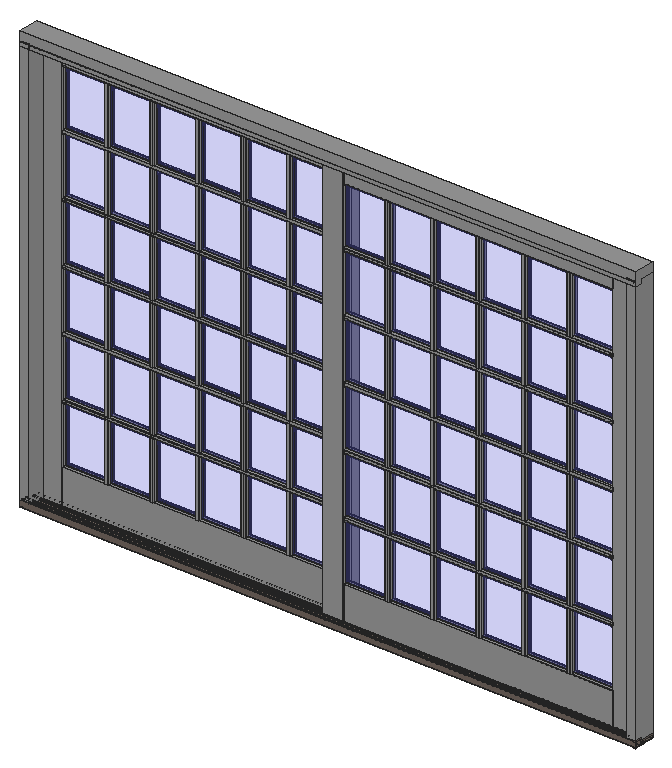
Revit family "VSDA3.0SP LH", category Doors, host Wall, Revit 2015
Parameters (values of type "VSDA3.0SP LH")
  Function = Interior
  Frame Projection Ext. = 25 mm
  Frame Projection Int. = 25 mm
  Frame Width = 75 mm
  Height = 2100 mm
  Wall Closure = By host
  Width = 3030 mm
Reference planes
  plane 1: y = 0
  plane 2 "Center (Left/Right)": x = 0
  plane 3 "Left": x = -1515
  plane 4 "Right": x = 1515
  plane 5: z = 2100
  plane 6 "Exterior": y = 75
  plane 7 "Interior": y = -75
Forms (mm)
  Extrusion 1, solid, material "Aluminium Cill (Bronze)"
    sketch origin (0, 79.18, -119.746) x (0, 1, 0) y (0, 0, -1)
      loop
        arc (-26.68, -120.746) -> (-26.972, -120.039) -> (-27.68, -119.746) r 1
        line (-27.68, -119.746) -> (-130.68, -119.746)
        arc (-130.68, -119.746) -> (-131.387, -120.039) -> (-131.68, -120.746) r 1
        line (-131.68, -120.746) -> (-131.68, -150.746)
        arc (-131.68, -150.746) -> (-131.387, -151.453) -> (-130.68, -151.746) r 1
        line (-130.68, -151.746) -> (-120.912, -151.746)
        arc (-120.912, -151.746) -> (-119.18, -150.746) -> (-117.447, -151.746) r 2
        line (-117.447, -151.746) -> (-112.912, -151.746)
        arc (-112.912, -151.746) -> (-111.18, -150.746) -> (-109.447, -151.746) r 2
        line (-109.447, -151.746) -> (-99.68, -151.746)
        arc (-99.68, -151.746) -> (-98.972, -151.453) -> (-98.68, -150.746) r 1
        line (-98.68, -150.746) -> (-98.68, -149.246)
        arc (-98.68, -149.246) -> (-99.18, -148.746) -> (-99.68, -149.246) r 0.5
        line (-99.68, -149.246) -> (-99.68, -150.246) -> (-100.88, -150.246) -> (-100.88, -142.734) -> (-99.68, -142.734) -> (-99.68, -143.746)
        arc (-99.68, -143.746) -> (-99.18, -144.246) -> (-98.68, -143.746) r 0.5
        line (-98.68, -143.746) -> (-98.68, -138.746) -> (-90.432, -138.746) -> (-82.18, -138.746) -> (-82.18, -135.246)
        arc (-82.18, -135.246) -> (-81.74, -134.185) -> (-80.68, -133.746) r 1.5
        line (-80.68, -133.746) -> (-75.93, -133.746) -> (-75.93, -135.746) -> (-77.363, -135.746)
        arc (-77.363, -135.746) -> (-74.68, -138.746) -> (-71.996, -135.746) r 2.7
        line (-71.996, -135.746) -> (-73.43, -135.746) -> (-73.43, -133.746) -> (-68.68, -133.746)
        arc (-68.68, -133.746) -> (-67.619, -134.185) -> (-67.18, -135.246) r 1.5
        line (-67.18, -135.246) -> (-67.18, -138.746) -> (-60.412, -138.746)
        arc (-60.412, -138.746) -> (-58.68, -137.746) -> (-56.947, -138.746) r 2
        line (-56.947, -138.746) -> (-52.412, -138.746)
        arc (-52.412, -138.746) -> (-50.68, -137.746) -> (-48.947, -138.746) r 2
        line (-48.947, -138.746) -> (-44.412, -138.746)
        arc (-44.412, -138.746) -> (-42.68, -137.746) -> (-40.947, -138.746) r 2
        line (-40.947, -138.746) -> (-29.68, -138.746)
        arc (-29.68, -138.746) -> (-27.558, -137.867) -> (-26.68, -135.746) r 3
        line (-26.68, -135.746) -> (-26.68, -120.746)
      loop
        arc (-29.68, -137.246) -> (-28.619, -136.807) -> (-28.18, -135.746) r 1.5
        line (-28.18, -135.746) -> (-28.18, -121.246) -> (-73.93, -121.246) -> (-73.93, -132.246) -> (-68.68, -132.246)
        arc (-68.68, -132.246) -> (-66.558, -133.125) -> (-65.68, -135.246) r 3
        line (-65.68, -135.246) -> (-65.68, -137.246) -> (-61.129, -137.246)
        arc (-61.129, -137.246) -> (-58.68, -136.246) -> (-56.23, -137.246) r 3.5
        line (-56.23, -137.246) -> (-53.129, -137.246)
        arc (-53.129, -137.246) -> (-50.68, -136.246) -> (-48.23, -137.246) r 3.5
        line (-48.23, -137.246) -> (-45.129, -137.246)
        arc (-45.129, -137.246) -> (-42.68, -136.246) -> (-40.23, -137.246) r 3.5
        line (-40.23, -137.246) -> (-29.68, -137.246)
      loop
        line (-75.43, -132.246) -> (-75.43, -121.246) -> (-98.68, -121.246) -> (-98.68, -137.246) -> (-83.68, -137.246) -> (-83.68, -135.246)
        arc (-83.68, -135.246) -> (-82.801, -133.125) -> (-80.68, -132.246) r 3
        line (-80.68, -132.246) -> (-75.43, -132.246)
      loop
        line (-100.18, -121.246) -> (-130.18, -121.246) -> (-130.18, -150.246) -> (-121.629, -150.246)
        arc (-121.629, -150.246) -> (-119.18, -149.246) -> (-116.73, -150.246) r 3.5
        line (-116.73, -150.246) -> (-113.629, -150.246)
        arc (-113.629, -150.246) -> (-111.18, -149.246) -> (-108.73, -150.246) r 3.5
        line (-108.73, -150.246) -> (-102.38, -150.246) -> (-102.38, -141.246) -> (-100.18, -141.246) -> (-100.18, -121.246)
    from -1515 to 1515
  Extrusion 2, solid, material "Lauan, Meranti"
    sketch origin (0, 0, 0) x (0, 1, 0) y (0, 0, -1)
      loop
        line (52.5, -2100) -> (52.5, -2057) -> (32.5, -2057) -> (32.5, -2055) -> (-20.5, -2055) -> (-20.5, -2041.5) -> (-27.5, -2041.5) -> (-27.5, -2038.5) -> (-20.5, -2038.5) -> (-20.5, -2035) -> (-52.5, -2035) -> (-52.5, -2052) -> (-49.5, -2052) -> (-49.5, -2055) -> (-52.5, -2055) -> (-52.5, -2100) -> (52.5, -2100)
    from -1515 to 1515
  Extrusion 3, solid, material "Lauan, Meranti"
    sketch origin (0, 0, 0) x (-1, 0, 0) y (0, -1, 0)
      loop
        line (-1515, -52.5) -> (-1472, -52.5) -> (-1472, -32.5) -> (-1470, -32.5) -> (-1470, 52.5) -> (-1515, 52.5) -> (-1515, -52.5)
      loop
        line (1515, -52.5) -> (1515, 52.5) -> (1470, 52.5) -> (1470, -32.5) -> (1472, -32.5) -> (1472, -52.5) -> (1515, -52.5)
    from 32 to 2057
  Extrusion 4, solid, material "Lauan, Meranti"
    sketch origin (0, 0, 0) x (-1, 0, 0) y (0, -1, 0)
      loop
        line (-1450, -32.5) -> (-1453.5, -32.5) -> (-1453.5, -39.5) -> (-1456.5, -39.5) -> (-1456.5, -32.5) -> (-1472, -32.5) -> (-1472, -49.5) -> (-1469, -49.5) -> (-1469, -52.5) -> (-1450, -52.5) -> (-1450, -32.5)
    from 2035 to 19
  Extrusion 5, solid, material "Lauan, Meranti"
    sketch origin (0, 0, 0) x (-1, 0, 0) y (0, -1, 0)
      loop
        line (-1515, -52.5) -> (-1472, -52.5) -> (-1472, -32.5) -> (-1470, -32.5) -> (-1470, 19.5) -> (-1515, 19.5) -> (-1515, -52.5)
      loop
        line (1515, -52.5) -> (1515, 19.5) -> (1470, 19.5) -> (1470, -32.5) -> (1472, -32.5) -> (1472, -52.5) -> (1515, -52.5)
    from 19 to 32
  Extrusion 6, solid, material "Lauan, Meranti"
    sketch origin (-280, 0, 0) x (0, 1, 0) y (0, 0, -1)
      loop
        line (52.5, -2054) -> (52.5, -2035) -> (32.5, -2035) -> (32.5, -2038.5) -> (39.5, -2038.5) -> (39.5, -2041.5) -> (32.5, -2041.5) -> (32.5, -2057) -> (49.5, -2057) -> (49.5, -2054) -> (52.5, -2054)
    from -1752 to -332.5
  Extrusion 7, solid, material "Lauan, Meranti"
    sketch origin (0, 148.121, 19) x (-1, 0, 0) y (0, -1, 0)
      loop
        line (-43.5, 163.621) -> (-43.5, 161.621)
        arc (-43.5, 161.621) -> (-48.235, 160.061) -> (-50.5, 155.621) r 6.549
        line (-50.5, 155.621) -> (-52.5, 155.621) -> (-52.5, 153.621) -> (-43.5, 153.621) -> (-43.5, 123.621) -> (52.5, 123.621) -> (52.5, 163.621) -> (-43.5, 163.621)
      loop
        line (43.5, 117.121) -> (-52.5, 117.121) -> (-52.5, 77.121) -> (43.5, 77.121) -> (43.5, 107.121) -> (52.5, 107.121) -> (52.5, 109.121) -> (50.5, 109.121)
        arc (50.5, 109.121) -> (48.235, 113.561) -> (43.5, 115.121) r 6.549
        line (43.5, 115.121) -> (43.5, 117.121)
      loop
        line (-1374, 163.621) -> (-1470, 163.621) -> (-1470, 123.621) -> (-1374, 123.621) -> (-1374, 153.621) -> (-1365, 153.621) -> (-1365, 155.621) -> (-1367, 155.621)
        arc (-1367, 155.621) -> (-1369.265, 160.061) -> (-1374, 161.621) r 6.549
        line (-1374, 161.621) -> (-1374, 163.621)
      loop
        line (1374, 117.121) -> (1374, 115.121)
        arc (1374, 115.121) -> (1369.265, 113.561) -> (1367, 109.121) r 6.549
        line (1367, 109.121) -> (1365, 109.121) -> (1365, 107.121) -> (1374, 107.121) -> (1374, 77.121) -> (1470, 77.121) -> (1470, 117.121) -> (1374, 117.121)
    from 0 to 2036
  Extrusion 8, solid, material "Lauan, Meranti"
    sketch origin (-1625, 46.5, 0) x (0, 1, 0) y (0, 0, -1)
      loop
        line (-15.5, -190) -> (-13.5, -190)
        arc (-13.5, -190) -> (-11.866, -194.67) -> (-7.5, -197) r 6.807
        line (-7.5, -197) -> (-7.5, -199) -> (-5.5, -199) -> (-5.5, -190) -> (24.5, -190) -> (24.5, -19) -> (-15.5, -19) -> (-15.5, -190)
      loop
        arc (-7.5, -1952) -> (-11.866, -1954.33) -> (-13.5, -1959) r 6.807
        line (-13.5, -1959) -> (-15.5, -1959) -> (-15.5, -2055) -> (24.5, -2055) -> (24.5, -1959) -> (-5.5, -1959) -> (-5.5, -1950) -> (-7.5, -1950) -> (-7.5, -1952)
      loop
        line (-15.5, -1675) -> (-13.5, -1675)
        arc (-13.5, -1675) -> (-11.866, -1679.67) -> (-7.5, -1682) r 6.807
        line (-7.5, -1682) -> (-7.5, -1684) -> (-5.5, -1684) -> (-5.5, -1675) -> (24.5, -1675) -> (24.5, -1662) -> (-5.5, -1662) -> (-5.5, -1653) -> (-7.5, -1653) -> (-7.5, -1655)
        arc (-7.5, -1655) -> (-11.866, -1657.33) -> (-13.5, -1662) r 6.807
        line (-13.5, -1662) -> (-15.5, -1662) -> (-15.5, -1675)
      loop
        line (-15.5, -1378) -> (-13.5, -1378)
        arc (-13.5, -1378) -> (-11.866, -1382.67) -> (-7.5, -1385) r 6.807
        line (-7.5, -1385) -> (-7.5, -1387) -> (-5.5, -1387) -> (-5.5, -1378) -> (24.5, -1378) -> (24.5, -1365) -> (-5.5, -1365) -> (-5.5, -1356) -> (-7.5, -1356) -> (-7.5, -1358)
        arc (-7.5, -1358) -> (-11.866, -1360.33) -> (-13.5, -1365) r 6.807
        line (-13.5, -1365) -> (-15.5, -1365) -> (-15.5, -1378)
      loop
        line (-15.5, -1081) -> (-13.5, -1081)
        arc (-13.5, -1081) -> (-11.866, -1085.67) -> (-7.5, -1088) r 6.807
        line (-7.5, -1088) -> (-7.5, -1090) -> (-5.5, -1090) -> (-5.5, -1081) -> (24.5, -1081) -> (24.5, -1068) -> (-5.5, -1068) -> (-5.5, -1059) -> (-7.5, -1059) -> (-7.5, -1061)
        arc (-7.5, -1061) -> (-11.866, -1063.33) -> (-13.5, -1068) r 6.807
        line (-13.5, -1068) -> (-15.5, -1068) -> (-15.5, -1081)
      loop
        line (-15.5, -784) -> (-13.5, -784)
        arc (-13.5, -784) -> (-11.866, -788.67) -> (-7.5, -791) r 6.807
        line (-7.5, -791) -> (-7.5, -793) -> (-5.5, -793) -> (-5.5, -784) -> (24.5, -784) -> (24.5, -771) -> (-5.5, -771) -> (-5.5, -762) -> (-7.5, -762) -> (-7.5, -764)
        arc (-7.5, -764) -> (-11.866, -766.33) -> (-13.5, -771) r 6.807
        line (-13.5, -771) -> (-15.5, -771) -> (-15.5, -784)
      loop
        line (-15.5, -487) -> (-13.5, -487)
        arc (-13.5, -487) -> (-11.866, -491.67) -> (-7.5, -494) r 6.807
        line (-7.5, -494) -> (-7.5, -496) -> (-5.5, -496) -> (-5.5, -487) -> (24.5, -487) -> (24.5, -474) -> (-5.5, -474) -> (-5.5, -465) -> (-7.5, -465) -> (-7.5, -467)
        arc (-7.5, -467) -> (-11.866, -469.33) -> (-13.5, -474) r 6.807
        line (-13.5, -474) -> (-15.5, -474) -> (-15.5, -487)
    from -1581.5 to -251
  Sweep 9, solid, material "Lauan, Meranti"
    path origin (-860.605, -75, -781.763) x (-1, 0, 0) y (0, 0, -1)
      loop
        line (302.475, -2740.763) -> (513.395, -2740.763) -> (513.395, -2456.763) -> (302.475, -2456.763) -> (302.475, -2740.763)
    profile origin (-1268.54, -75, 1959) x (0, 0, -1) y (0, -1, 0)
      loop
        line (9, -124.5) -> (0, -124.5) -> (0, -132.5)
        arc (0, -132.5) -> (4.67, -130.866) -> (7, -126.5) r 6.807
        line (7, -126.5) -> (9, -126.5) -> (9, -124.5)
  Extrusion 10, solid, material "Glass"
    sketch origin (-1133.125, -64.05, -73.649) x (-1, 0, 0) y (0, 0, -1)
      loop
        line (240.875, -2032.649) -> (240.875, -1748.649) -> (29.955, -1748.649) -> (29.955, -2032.649) -> (240.875, -2032.649)
      loop
        line (16.955, -2032.649) -> (16.955, -1748.649) -> (-193.965, -1748.649) -> (-193.965, -2032.649) -> (16.955, -2032.649)
      loop
        line (-206.965, -2032.649) -> (-206.965, -1748.649) -> (-417.885, -1748.649) -> (-417.885, -2032.649) -> (-206.965, -2032.649)
      loop
        line (-430.885, -2032.649) -> (-430.885, -1748.649) -> (-641.805, -1748.649) -> (-641.805, -2032.649) -> (-430.885, -2032.649)
      loop
        line (-654.805, -2032.649) -> (-654.805, -1748.649) -> (-865.725, -1748.649) -> (-865.725, -2032.649) -> (-654.805, -2032.649)
      loop
        line (-878.725, -2032.649) -> (-878.725, -1748.649) -> (-1089.625, -1748.649) -> (-1089.625, -2032.649) -> (-878.725, -2032.649)
      loop
        line (240.875, -1735.649) -> (240.875, -1451.649) -> (29.955, -1451.649) -> (29.955, -1735.649) -> (240.875, -1735.649)
      loop
        line (16.955, -1735.649) -> (16.955, -1451.649) -> (-193.965, -1451.649) -> (-193.965, -1735.649) -> (16.955, -1735.649)
      loop
        line (-206.965, -1735.649) -> (-206.965, -1451.649) -> (-417.885, -1451.649) -> (-417.885, -1735.649) -> (-206.965, -1735.649)
      loop
        line (-430.885, -1735.649) -> (-430.885, -1451.649) -> (-641.805, -1451.649) -> (-641.805, -1735.649) -> (-430.885, -1735.649)
      loop
        line (-654.805, -1735.649) -> (-654.805, -1451.649) -> (-865.725, -1451.649) -> (-865.725, -1735.649) -> (-654.805, -1735.649)
      loop
        line (-878.725, -1735.649) -> (-878.725, -1451.649) -> (-1089.625, -1451.649) -> (-1089.625, -1735.649) -> (-878.725, -1735.649)
      loop
        line (240.875, -1438.649) -> (240.875, -1154.649) -> (29.955, -1154.649) -> (29.955, -1438.649) -> (240.875, -1438.649)
      loop
        line (16.955, -1438.649) -> (16.955, -1154.649) -> (-193.965, -1154.649) -> (-193.965, -1438.649) -> (16.955, -1438.649)
      loop
        line (-206.965, -1438.649) -> (-206.965, -1154.649) -> (-417.885, -1154.649) -> (-417.885, -1438.649) -> (-206.965, -1438.649)
      loop
        line (-430.885, -1438.649) -> (-430.885, -1154.649) -> (-641.805, -1154.649) -> (-641.805, -1438.649) -> (-430.885, -1438.649)
      loop
        line (-654.805, -1438.649) -> (-654.805, -1154.649) -> (-865.725, -1154.649) -> (-865.725, -1438.649) -> (-654.805, -1438.649)
      loop
        line (-878.725, -1438.649) -> (-878.725, -1154.649) -> (-1089.625, -1154.649) -> (-1089.625, -1438.649) -> (-878.725, -1438.649)
      loop
        line (240.875, -1141.649) -> (240.875, -857.649) -> (29.955, -857.649) -> (29.955, -1141.649) -> (240.875, -1141.649)
      loop
        line (16.955, -1141.649) -> (16.955, -857.649) -> (-193.965, -857.649) -> (-193.965, -1141.649) -> (16.955, -1141.649)
      loop
        line (-206.965, -1141.649) -> (-206.965, -857.649) -> (-417.885, -857.649) -> (-417.885, -1141.649) -> (-206.965, -1141.649)
      loop
        line (-430.885, -1141.649) -> (-430.885, -857.649) -> (-641.805, -857.649) -> (-641.805, -1141.649) -> (-430.885, -1141.649)
      loop
        line (-654.805, -1141.649) -> (-654.805, -857.649) -> (-865.725, -857.649) -> (-865.725, -1141.649) -> (-654.805, -1141.649)
      loop
        line (-878.725, -1141.649) -> (-878.725, -857.649) -> (-1089.625, -857.649) -> (-1089.625, -1141.649) -> (-878.725, -1141.649)
      loop
        line (240.875, -844.649) -> (240.875, -560.649) -> (29.955, -560.649) -> (29.955, -844.649) -> (240.875, -844.649)
      loop
        line (16.955, -844.649) -> (16.955, -560.649) -> (-193.965, -560.649) -> (-193.965, -844.649) -> (16.955, -844.649)
      loop
        line (-206.965, -844.649) -> (-206.965, -560.649) -> (-417.885, -560.649) -> (-417.885, -844.649) -> (-206.965, -844.649)
      loop
        line (-430.885, -844.649) -> (-430.885, -560.649) -> (-641.805, -560.649) -> (-641.805, -844.649) -> (-430.885, -844.649)
      loop
        line (-654.805, -844.649) -> (-654.805, -560.649) -> (-865.725, -560.649) -> (-865.725, -844.649) -> (-654.805, -844.649)
      loop
        line (-878.725, -844.649) -> (-878.725, -560.649) -> (-1089.625, -560.649) -> (-1089.625, -844.649) -> (-878.725, -844.649)
      loop
        line (240.875, -547.649) -> (240.875, -263.649) -> (29.955, -263.649) -> (29.955, -547.649) -> (240.875, -547.649)
      loop
        line (16.955, -547.649) -> (16.955, -263.649) -> (-193.965, -263.649) -> (-193.965, -547.649) -> (16.955, -547.649)
      loop
        line (-206.965, -547.649) -> (-206.965, -263.649) -> (-417.885, -263.649) -> (-417.885, -547.649) -> (-206.965, -547.649)
      loop
        line (-430.885, -547.649) -> (-430.885, -263.649) -> (-641.805, -263.649) -> (-641.805, -547.649) -> (-430.885, -547.649)
      loop
        line (-654.805, -547.649) -> (-654.805, -263.649) -> (-865.725, -263.649) -> (-865.725, -547.649) -> (-654.805, -547.649)
      loop
        line (-878.725, -547.649) -> (-878.725, -263.649) -> (-1089.625, -263.649) -> (-1089.625, -547.649) -> (-878.725, -547.649)
    from -112.5 to -106.1
  Extrusion 11, solid, material "Lauan, Meranti"
    sketch origin (-605, 0, 0) x (-1, 0, 0) y (0, -1, 0)
      loop
        line (545.08, -31) -> (545.08, -33)
        arc (545.08, -33) -> (540.41, -34.634) -> (538.08, -39) r 6.807
        line (538.08, -39) -> (536.08, -39) -> (536.08, -41) -> (545.08, -41) -> (545.08, -71) -> (558.08, -71) -> (558.08, -41) -> (567.08, -41) -> (567.08, -39) -> (565.08, -39)
        arc (565.08, -39) -> (562.75, -34.634) -> (558.08, -33) r 6.807
        line (558.08, -33) -> (558.08, -31) -> (545.08, -31)
      loop
        line (321.16, -31) -> (321.16, -33)
        arc (321.16, -33) -> (316.49, -34.634) -> (314.16, -39) r 6.807
        line (314.16, -39) -> (312.16, -39) -> (312.16, -41) -> (321.16, -41) -> (321.16, -71) -> (334.16, -71) -> (334.16, -41) -> (343.16, -41) -> (343.16, -39) -> (341.16, -39)
        arc (341.16, -39) -> (338.83, -34.634) -> (334.16, -33) r 6.807
        line (334.16, -33) -> (334.16, -31) -> (321.16, -31)
      loop
        line (97.24, -31) -> (97.24, -33)
        arc (97.24, -33) -> (92.57, -34.634) -> (90.24, -39) r 6.807
        line (90.24, -39) -> (88.24, -39) -> (88.24, -41) -> (97.24, -41) -> (97.24, -71) -> (110.24, -71) -> (110.24, -41) -> (119.24, -41) -> (119.24, -39) -> (117.24, -39)
        arc (117.24, -39) -> (114.91, -34.634) -> (110.24, -33) r 6.807
        line (110.24, -33) -> (110.24, -31) -> (97.24, -31)
      loop
        line (-126.68, -31) -> (-126.68, -33)
        arc (-126.68, -33) -> (-131.35, -34.634) -> (-133.68, -39) r 6.807
        line (-133.68, -39) -> (-135.68, -39) -> (-135.68, -41) -> (-126.68, -41) -> (-126.68, -71) -> (-113.68, -71) -> (-113.68, -41) -> (-104.68, -41) -> (-104.68, -39) -> (-106.68, -39)
        arc (-106.68, -39) -> (-109.01, -34.634) -> (-113.68, -33) r 6.807
        line (-113.68, -33) -> (-113.68, -31) -> (-126.68, -31)
      loop
        line (-350.6, -31) -> (-350.6, -33)
        arc (-350.6, -33) -> (-355.27, -34.634) -> (-357.6, -39) r 6.807
        line (-357.6, -39) -> (-359.6, -39) -> (-359.6, -41) -> (-350.6, -41) -> (-350.6, -71) -> (-337.6, -71) -> (-337.6, -41) -> (-328.6, -41) -> (-328.6, -39) -> (-330.6, -39)
        arc (-330.6, -39) -> (-332.93, -34.634) -> (-337.6, -33) r 6.807
        line (-337.6, -33) -> (-337.6, -31) -> (-350.6, -31)
    from 1675 to 1959
  Extrusion 12, solid, material "Lauan, Meranti"
    sketch origin (605, 0, 0) x (0, 1, 0) y (0, 0, -1)
      loop
        line (-15.5, -190) -> (-13.5, -190)
        arc (-13.5, -190) -> (-11.866, -194.67) -> (-7.5, -197) r 6.807
        line (-7.5, -197) -> (-7.5, -199) -> (-5.5, -199) -> (-5.5, -190) -> (24.5, -190) -> (24.5, -19) -> (-15.5, -19) -> (-15.5, -190)
      loop
        arc (-7.5, -1952) -> (-11.866, -1954.33) -> (-13.5, -1959) r 6.807
        line (-13.5, -1959) -> (-15.5, -1959) -> (-15.5, -2055) -> (24.5, -2055) -> (24.5, -1959) -> (-5.5, -1959) -> (-5.5, -1950) -> (-7.5, -1950) -> (-7.5, -1952)
      loop
        line (-15.5, -1675) -> (-13.5, -1675)
        arc (-13.5, -1675) -> (-11.866, -1679.67) -> (-7.5, -1682) r 6.807
        line (-7.5, -1682) -> (-7.5, -1684) -> (-5.5, -1684) -> (-5.5, -1675) -> (24.5, -1675) -> (24.5, -1662) -> (-5.5, -1662) -> (-5.5, -1653) -> (-7.5, -1653) -> (-7.5, -1655)
        arc (-7.5, -1655) -> (-11.866, -1657.33) -> (-13.5, -1662) r 6.807
        line (-13.5, -1662) -> (-15.5, -1662) -> (-15.5, -1675)
      loop
        line (-15.5, -1378) -> (-13.5, -1378)
        arc (-13.5, -1378) -> (-11.866, -1382.67) -> (-7.5, -1385) r 6.807
        line (-7.5, -1385) -> (-7.5, -1387) -> (-5.5, -1387) -> (-5.5, -1378) -> (24.5, -1378) -> (24.5, -1365) -> (-5.5, -1365) -> (-5.5, -1356) -> (-7.5, -1356) -> (-7.5, -1358)
        arc (-7.5, -1358) -> (-11.866, -1360.33) -> (-13.5, -1365) r 6.807
        line (-13.5, -1365) -> (-15.5, -1365) -> (-15.5, -1378)
      loop
        line (-15.5, -1081) -> (-13.5, -1081)
        arc (-13.5, -1081) -> (-11.866, -1085.67) -> (-7.5, -1088) r 6.807
        line (-7.5, -1088) -> (-7.5, -1090) -> (-5.5, -1090) -> (-5.5, -1081) -> (24.5, -1081) -> (24.5, -1068) -> (-5.5, -1068) -> (-5.5, -1059) -> (-7.5, -1059) -> (-7.5, -1061)
        arc (-7.5, -1061) -> (-11.866, -1063.33) -> (-13.5, -1068) r 6.807
        line (-13.5, -1068) -> (-15.5, -1068) -> (-15.5, -1081)
      loop
        line (-15.5, -784) -> (-13.5, -784)
        arc (-13.5, -784) -> (-11.866, -788.67) -> (-7.5, -791) r 6.807
        line (-7.5, -791) -> (-7.5, -793) -> (-5.5, -793) -> (-5.5, -784) -> (24.5, -784) -> (24.5, -771) -> (-5.5, -771) -> (-5.5, -762) -> (-7.5, -762) -> (-7.5, -764)
        arc (-7.5, -764) -> (-11.866, -766.33) -> (-13.5, -771) r 6.807
        line (-13.5, -771) -> (-15.5, -771) -> (-15.5, -784)
      loop
        line (-15.5, -487) -> (-13.5, -487)
        arc (-13.5, -487) -> (-11.866, -491.67) -> (-7.5, -494) r 6.807
        line (-7.5, -494) -> (-7.5, -496) -> (-5.5, -496) -> (-5.5, -487) -> (24.5, -487) -> (24.5, -474) -> (-5.5, -474) -> (-5.5, -465) -> (-7.5, -465) -> (-7.5, -467)
        arc (-7.5, -467) -> (-11.866, -469.33) -> (-13.5, -474) r 6.807
        line (-13.5, -474) -> (-15.5, -474) -> (-15.5, -487)
    from -769 to 552.5
  Extrusion 13, solid, material "Glass"
    sketch origin (889.375, -110.55, -73.649) x (-1, 0, 0) y (0, 0, -1)
      loop
        line (-273.705, -2032.649) -> (-273.705, -1748.649) -> (-484.625, -1748.649) -> (-484.625, -2032.649) -> (-273.705, -2032.649)
      loop
        line (-273.705, -1735.649) -> (-273.705, -1451.661) -> (-484.615, -1451.661) -> (-484.615, -1735.649) -> (-273.705, -1735.649)
      loop
        line (-273.705, -1438.649) -> (-273.705, -1154.649) -> (-484.625, -1154.649) -> (-484.625, -1438.649) -> (-273.705, -1438.649)
      loop
        line (-273.705, -1141.649) -> (-273.705, -857.661) -> (-484.615, -857.661) -> (-484.615, -1141.649) -> (-273.705, -1141.649)
      loop
        line (-273.705, -844.649) -> (-273.705, -560.661) -> (-484.615, -560.661) -> (-484.615, -844.649) -> (-273.705, -844.649)
      loop
        line (-273.705, -547.649) -> (-273.705, -263.649) -> (-484.625, -263.649) -> (-484.625, -547.649) -> (-273.705, -547.649)
      loop
        line (-49.785, -2032.649) -> (-49.785, -1748.649) -> (-260.705, -1748.649) -> (-260.705, -2032.649) -> (-49.785, -2032.649)
      loop
        line (-49.785, -1735.649) -> (-49.785, -1451.661) -> (-260.695, -1451.661) -> (-260.695, -1735.649) -> (-49.785, -1735.649)
      loop
        line (-49.785, -1438.649) -> (-49.785, -1154.649) -> (-260.705, -1154.649) -> (-260.705, -1438.649) -> (-49.785, -1438.649)
      loop
        line (-49.785, -1141.649) -> (-49.785, -857.661) -> (-260.695, -857.661) -> (-260.695, -1141.649) -> (-49.785, -1141.649)
      loop
        line (-49.785, -844.649) -> (-49.785, -560.661) -> (-260.695, -560.661) -> (-260.695, -844.649) -> (-49.785, -844.649)
      loop
        line (-49.785, -547.649) -> (-49.785, -263.649) -> (-260.705, -263.649) -> (-260.705, -547.649) -> (-49.785, -547.649)
      loop
        line (174.135, -2032.649) -> (174.135, -1748.649) -> (-36.785, -1748.649) -> (-36.785, -2032.649) -> (174.135, -2032.649)
      loop
        line (174.135, -1735.649) -> (174.135, -1451.661) -> (-36.775, -1451.661) -> (-36.775, -1735.649) -> (174.135, -1735.649)
      loop
        line (174.135, -1438.649) -> (174.135, -1154.649) -> (-36.785, -1154.649) -> (-36.785, -1438.649) -> (174.135, -1438.649)
      loop
        line (174.135, -1141.649) -> (174.135, -857.661) -> (-36.775, -857.661) -> (-36.775, -1141.649) -> (174.135, -1141.649)
      loop
        line (174.135, -844.649) -> (174.135, -560.661) -> (-36.775, -560.661) -> (-36.775, -844.649) -> (174.135, -844.649)
      loop
        line (174.135, -547.649) -> (174.135, -263.649) -> (-36.785, -263.649) -> (-36.785, -547.649) -> (174.135, -547.649)
      loop
        line (398.055, -2032.649) -> (398.055, -1748.649) -> (187.135, -1748.649) -> (187.135, -2032.649) -> (398.055, -2032.649)
      loop
        line (398.055, -1735.649) -> (398.055, -1451.661) -> (187.145, -1451.661) -> (187.145, -1735.649) -> (398.055, -1735.649)
      loop
        line (398.055, -1438.649) -> (398.055, -1154.649) -> (187.135, -1154.649) -> (187.135, -1438.649) -> (398.055, -1438.649)
      loop
        line (398.055, -1141.649) -> (398.055, -857.661) -> (187.145, -857.661) -> (187.145, -1141.649) -> (398.055, -1141.649)
      loop
        line (398.055, -844.649) -> (398.055, -560.661) -> (187.145, -560.661) -> (187.145, -844.649) -> (398.055, -844.649)
      loop
        line (398.055, -547.649) -> (398.055, -263.649) -> (187.135, -263.649) -> (187.135, -547.649) -> (398.055, -547.649)
      loop
        line (621.975, -2032.649) -> (621.975, -1748.649) -> (411.055, -1748.649) -> (411.055, -2032.649) -> (621.975, -2032.649)
      loop
        line (621.975, -1735.649) -> (621.975, -1451.661) -> (411.065, -1451.661) -> (411.065, -1735.649) -> (621.975, -1735.649)
      loop
        line (621.975, -1438.649) -> (621.975, -1154.649) -> (411.055, -1154.649) -> (411.055, -1438.649) -> (621.975, -1438.649)
      loop
        line (621.975, -1141.649) -> (621.975, -857.661) -> (411.065, -857.661) -> (411.065, -1141.649) -> (621.975, -1141.649)
      loop
        line (621.975, -844.649) -> (621.975, -560.661) -> (411.065, -560.661) -> (411.065, -844.649) -> (621.975, -844.649)
      loop
        line (621.975, -547.649) -> (621.975, -263.649) -> (411.055, -263.649) -> (411.055, -547.649) -> (621.975, -547.649)
      loop
        line (845.895, -2032.649) -> (845.895, -1748.649) -> (634.975, -1748.649) -> (634.975, -2032.649) -> (845.895, -2032.649)
      loop
        line (845.895, -1735.649) -> (845.895, -1451.661) -> (634.985, -1451.661) -> (634.985, -1735.649) -> (845.895, -1735.649)
      loop
        line (845.895, -1438.649) -> (845.895, -1154.649) -> (634.975, -1154.649) -> (634.975, -1438.649) -> (845.895, -1438.649)
      loop
        line (845.895, -1141.649) -> (845.895, -857.661) -> (634.985, -857.661) -> (634.985, -1141.649) -> (845.895, -1141.649)
      loop
        line (845.895, -844.649) -> (845.895, -560.661) -> (634.985, -560.661) -> (634.985, -844.649) -> (845.895, -844.649)
      loop
        line (845.895, -547.649) -> (845.895, -263.649) -> (634.975, -263.649) -> (634.975, -547.649) -> (845.895, -547.649)
    from -112.5 to -106.1
  Extrusion 14, solid, material "Lauan, Meranti"
    sketch origin (1417.5, -46.5, 0) x (-1, 0, 0) y (0, -1, 0)
      loop
        line (267.42, -31) -> (254.42, -31) -> (254.42, -33)
        arc (254.42, -33) -> (249.75, -34.634) -> (247.42, -39) r 6.807
        line (247.42, -39) -> (245.42, -39) -> (245.42, -41) -> (254.42, -41) -> (254.42, -71) -> (267.42, -71) -> (267.42, -41) -> (276.42, -41) -> (276.42, -39) -> (274.42, -39)
        arc (274.42, -39) -> (272.09, -34.634) -> (267.42, -33) r 6.807
        line (267.42, -33) -> (267.42, -31)
      loop
        line (491.34, -31) -> (478.34, -31) -> (478.34, -33)
        arc (478.34, -33) -> (473.67, -34.634) -> (471.34, -39) r 6.807
        line (471.34, -39) -> (469.34, -39) -> (469.34, -41) -> (478.34, -41) -> (478.34, -71) -> (491.34, -71) -> (491.34, -41) -> (500.34, -41) -> (500.34, -39) -> (498.34, -39)
        arc (498.34, -39) -> (496.01, -34.634) -> (491.34, -33) r 6.807
        line (491.34, -33) -> (491.34, -31)
      loop
        line (715.26, -31) -> (702.26, -31) -> (702.26, -33)
        arc (702.26, -33) -> (697.59, -34.634) -> (695.26, -39) r 6.807
        line (695.26, -39) -> (693.26, -39) -> (693.26, -41) -> (702.26, -41) -> (702.26, -71) -> (715.26, -71) -> (715.26, -41) -> (724.26, -41) -> (724.26, -39) -> (722.26, -39)
        arc (722.26, -39) -> (719.93, -34.634) -> (715.26, -33) r 6.807
        line (715.26, -33) -> (715.26, -31)
      loop
        line (939.18, -31) -> (926.18, -31) -> (926.18, -33)
        arc (926.18, -33) -> (921.51, -34.634) -> (919.18, -39) r 6.807
        line (919.18, -39) -> (917.18, -39) -> (917.18, -41) -> (926.18, -41) -> (926.18, -71) -> (939.18, -71) -> (939.18, -41) -> (948.18, -41) -> (948.18, -39) -> (946.18, -39)
        arc (946.18, -39) -> (943.85, -34.634) -> (939.18, -33) r 6.807
        line (939.18, -33) -> (939.18, -31)
      loop
        line (1163.1, -31) -> (1150.1, -31) -> (1150.1, -33)
        arc (1150.1, -33) -> (1145.43, -34.634) -> (1143.1, -39) r 6.807
        line (1143.1, -39) -> (1141.1, -39) -> (1141.1, -41) -> (1150.1, -41) -> (1150.1, -71) -> (1163.1, -71) -> (1163.1, -41) -> (1172.1, -41) -> (1172.1, -39) -> (1170.1, -39)
        arc (1170.1, -39) -> (1167.77, -34.634) -> (1163.1, -33) r 6.807
        line (1163.1, -33) -> (1163.1, -31)
    from 1675 to 1959
  Sweep 15, solid, material "Lauan, Meranti"
    path origin (1654.228, -121.5, -781.763) x (-1, 0, 0) y (0, 0, -1)
      loop
        line (280.228, -2740.763) -> (491.148, -2740.763) -> (491.148, -2456.763) -> (280.228, -2456.763) -> (280.228, -2740.763)
    profile origin (1268.54, -121.5, 1959) x (0, 0, -1) y (0, -1, 0)
      loop
        line (9, -124.5) -> (0, -124.5) -> (0, -132.5)
        arc (0, -132.5) -> (4.67, -130.866) -> (7, -126.5) r 6.807
        line (7, -126.5) -> (9, -126.5) -> (9, -124.5)
  Extrusion 16, solid, material "Lauan, Meranti"
    sketch origin (-605, 0, -297) x (-1, 0, 0) y (0, -1, 0)
      loop
        line (545.08, -31) -> (545.08, -33)
        arc (545.08, -33) -> (540.41, -34.634) -> (538.08, -39) r 6.807
        line (538.08, -39) -> (536.08, -39) -> (536.08, -41) -> (545.08, -41) -> (545.08, -71) -> (558.08, -71) -> (558.08, -41) -> (567.08, -41) -> (567.08, -39) -> (565.08, -39)
        arc (565.08, -39) -> (562.75, -34.634) -> (558.08, -33) r 6.807
        line (558.08, -33) -> (558.08, -31) -> (545.08, -31)
      loop
        line (321.16, -31) -> (321.16, -33)
        arc (321.16, -33) -> (316.49, -34.634) -> (314.16, -39) r 6.807
        line (314.16, -39) -> (312.16, -39) -> (312.16, -41) -> (321.16, -41) -> (321.16, -71) -> (334.16, -71) -> (334.16, -41) -> (343.16, -41) -> (343.16, -39) -> (341.16, -39)
        arc (341.16, -39) -> (338.83, -34.634) -> (334.16, -33) r 6.807
        line (334.16, -33) -> (334.16, -31) -> (321.16, -31)
      loop
        line (97.24, -31) -> (97.24, -33)
        arc (97.24, -33) -> (92.57, -34.634) -> (90.24, -39) r 6.807
        line (90.24, -39) -> (88.24, -39) -> (88.24, -41) -> (97.24, -41) -> (97.24, -71) -> (110.24, -71) -> (110.24, -41) -> (119.24, -41) -> (119.24, -39) -> (117.24, -39)
        arc (117.24, -39) -> (114.91, -34.634) -> (110.24, -33) r 6.807
        line (110.24, -33) -> (110.24, -31) -> (97.24, -31)
      loop
        line (-126.68, -31) -> (-126.68, -33)
        arc (-126.68, -33) -> (-131.35, -34.634) -> (-133.68, -39) r 6.807
        line (-133.68, -39) -> (-135.68, -39) -> (-135.68, -41) -> (-126.68, -41) -> (-126.68, -71) -> (-113.68, -71) -> (-113.68, -41) -> (-104.68, -41) -> (-104.68, -39) -> (-106.68, -39)
        arc (-106.68, -39) -> (-109.01, -34.634) -> (-113.68, -33) r 6.807
        line (-113.68, -33) -> (-113.68, -31) -> (-126.68, -31)
      loop
        line (-350.6, -31) -> (-350.6, -33)
        arc (-350.6, -33) -> (-355.27, -34.634) -> (-357.6, -39) r 6.807
        line (-357.6, -39) -> (-359.6, -39) -> (-359.6, -41) -> (-350.6, -41) -> (-350.6, -71) -> (-337.6, -71) -> (-337.6, -41) -> (-328.6, -41) -> (-328.6, -39) -> (-330.6, -39)
        arc (-330.6, -39) -> (-332.93, -34.634) -> (-337.6, -33) r 6.807
        line (-337.6, -33) -> (-337.6, -31) -> (-350.6, -31)
    from 1675 to 1959
  Extrusion 17, solid, material "Lauan, Meranti"
    sketch origin (-605, 0, -594) x (-1, 0, 0) y (0, -1, 0)
      loop
        line (545.08, -31) -> (545.08, -33)
        arc (545.08, -33) -> (540.41, -34.634) -> (538.08, -39) r 6.807
        line (538.08, -39) -> (536.08, -39) -> (536.08, -41) -> (545.08, -41) -> (545.08, -71) -> (558.08, -71) -> (558.08, -41) -> (567.08, -41) -> (567.08, -39) -> (565.08, -39)
        arc (565.08, -39) -> (562.75, -34.634) -> (558.08, -33) r 6.807
        line (558.08, -33) -> (558.08, -31) -> (545.08, -31)
      loop
        line (321.16, -31) -> (321.16, -33)
        arc (321.16, -33) -> (316.49, -34.634) -> (314.16, -39) r 6.807
        line (314.16, -39) -> (312.16, -39) -> (312.16, -41) -> (321.16, -41) -> (321.16, -71) -> (334.16, -71) -> (334.16, -41) -> (343.16, -41) -> (343.16, -39) -> (341.16, -39)
        arc (341.16, -39) -> (338.83, -34.634) -> (334.16, -33) r 6.807
        line (334.16, -33) -> (334.16, -31) -> (321.16, -31)
      loop
        line (97.24, -31) -> (97.24, -33)
        arc (97.24, -33) -> (92.57, -34.634) -> (90.24, -39) r 6.807
        line (90.24, -39) -> (88.24, -39) -> (88.24, -41) -> (97.24, -41) -> (97.24, -71) -> (110.24, -71) -> (110.24, -41) -> (119.24, -41) -> (119.24, -39) -> (117.24, -39)
        arc (117.24, -39) -> (114.91, -34.634) -> (110.24, -33) r 6.807
        line (110.24, -33) -> (110.24, -31) -> (97.24, -31)
      loop
        line (-126.68, -31) -> (-126.68, -33)
        arc (-126.68, -33) -> (-131.35, -34.634) -> (-133.68, -39) r 6.807
        line (-133.68, -39) -> (-135.68, -39) -> (-135.68, -41) -> (-126.68, -41) -> (-126.68, -71) -> (-113.68, -71) -> (-113.68, -41) -> (-104.68, -41) -> (-104.68, -39) -> (-106.68, -39)
        arc (-106.68, -39) -> (-109.01, -34.634) -> (-113.68, -33) r 6.807
        line (-113.68, -33) -> (-113.68, -31) -> (-126.68, -31)
      loop
        line (-350.6, -31) -> (-350.6, -33)
        arc (-350.6, -33) -> (-355.27, -34.634) -> (-357.6, -39) r 6.807
        line (-357.6, -39) -> (-359.6, -39) -> (-359.6, -41) -> (-350.6, -41) -> (-350.6, -71) -> (-337.6, -71) -> (-337.6, -41) -> (-328.6, -41) -> (-328.6, -39) -> (-330.6, -39)
        arc (-330.6, -39) -> (-332.93, -34.634) -> (-337.6, -33) r 6.807
        line (-337.6, -33) -> (-337.6, -31) -> (-350.6, -31)
    from 1675 to 1959
  Extrusion 18, solid, material "Lauan, Meranti"
    sketch origin (-605, 0, -891) x (-1, 0, 0) y (0, -1, 0)
      loop
        line (545.08, -31) -> (545.08, -33)
        arc (545.08, -33) -> (540.41, -34.634) -> (538.08, -39) r 6.807
        line (538.08, -39) -> (536.08, -39) -> (536.08, -41) -> (545.08, -41) -> (545.08, -71) -> (558.08, -71) -> (558.08, -41) -> (567.08, -41) -> (567.08, -39) -> (565.08, -39)
        arc (565.08, -39) -> (562.75, -34.634) -> (558.08, -33) r 6.807
        line (558.08, -33) -> (558.08, -31) -> (545.08, -31)
      loop
        line (321.16, -31) -> (321.16, -33)
        arc (321.16, -33) -> (316.49, -34.634) -> (314.16, -39) r 6.807
        line (314.16, -39) -> (312.16, -39) -> (312.16, -41) -> (321.16, -41) -> (321.16, -71) -> (334.16, -71) -> (334.16, -41) -> (343.16, -41) -> (343.16, -39) -> (341.16, -39)
        arc (341.16, -39) -> (338.83, -34.634) -> (334.16, -33) r 6.807
        line (334.16, -33) -> (334.16, -31) -> (321.16, -31)
      loop
        line (97.24, -31) -> (97.24, -33)
        arc (97.24, -33) -> (92.57, -34.634) -> (90.24, -39) r 6.807
        line (90.24, -39) -> (88.24, -39) -> (88.24, -41) -> (97.24, -41) -> (97.24, -71) -> (110.24, -71) -> (110.24, -41) -> (119.24, -41) -> (119.24, -39) -> (117.24, -39)
        arc (117.24, -39) -> (114.91, -34.634) -> (110.24, -33) r 6.807
        line (110.24, -33) -> (110.24, -31) -> (97.24, -31)
      loop
        line (-126.68, -31) -> (-126.68, -33)
        arc (-126.68, -33) -> (-131.35, -34.634) -> (-133.68, -39) r 6.807
        line (-133.68, -39) -> (-135.68, -39) -> (-135.68, -41) -> (-126.68, -41) -> (-126.68, -71) -> (-113.68, -71) -> (-113.68, -41) -> (-104.68, -41) -> (-104.68, -39) -> (-106.68, -39)
        arc (-106.68, -39) -> (-109.01, -34.634) -> (-113.68, -33) r 6.807
        line (-113.68, -33) -> (-113.68, -31) -> (-126.68, -31)
      loop
        line (-350.6, -31) -> (-350.6, -33)
        arc (-350.6, -33) -> (-355.27, -34.634) -> (-357.6, -39) r 6.807
        line (-357.6, -39) -> (-359.6, -39) -> (-359.6, -41) -> (-350.6, -41) -> (-350.6, -71) -> (-337.6, -71) -> (-337.6, -41) -> (-328.6, -41) -> (-328.6, -39) -> (-330.6, -39)
        arc (-330.6, -39) -> (-332.93, -34.634) -> (-337.6, -33) r 6.807
        line (-337.6, -33) -> (-337.6, -31) -> (-350.6, -31)
    from 1675 to 1959
  Extrusion 19, solid, material "Lauan, Meranti"
    sketch origin (-605, 0, -1188) x (-1, 0, 0) y (0, -1, 0)
      loop
        line (545.08, -31) -> (545.08, -33)
        arc (545.08, -33) -> (540.41, -34.634) -> (538.08, -39) r 6.807
        line (538.08, -39) -> (536.08, -39) -> (536.08, -41) -> (545.08, -41) -> (545.08, -71) -> (558.08, -71) -> (558.08, -41) -> (567.08, -41) -> (567.08, -39) -> (565.08, -39)
        arc (565.08, -39) -> (562.75, -34.634) -> (558.08, -33) r 6.807
        line (558.08, -33) -> (558.08, -31) -> (545.08, -31)
      loop
        line (321.16, -31) -> (321.16, -33)
        arc (321.16, -33) -> (316.49, -34.634) -> (314.16, -39) r 6.807
        line (314.16, -39) -> (312.16, -39) -> (312.16, -41) -> (321.16, -41) -> (321.16, -71) -> (334.16, -71) -> (334.16, -41) -> (343.16, -41) -> (343.16, -39) -> (341.16, -39)
        arc (341.16, -39) -> (338.83, -34.634) -> (334.16, -33) r 6.807
        line (334.16, -33) -> (334.16, -31) -> (321.16, -31)
      loop
        line (97.24, -31) -> (97.24, -33)
        arc (97.24, -33) -> (92.57, -34.634) -> (90.24, -39) r 6.807
        line (90.24, -39) -> (88.24, -39) -> (88.24, -41) -> (97.24, -41) -> (97.24, -71) -> (110.24, -71) -> (110.24, -41) -> (119.24, -41) -> (119.24, -39) -> (117.24, -39)
        arc (117.24, -39) -> (114.91, -34.634) -> (110.24, -33) r 6.807
        line (110.24, -33) -> (110.24, -31) -> (97.24, -31)
      loop
        line (-126.68, -31) -> (-126.68, -33)
        arc (-126.68, -33) -> (-131.35, -34.634) -> (-133.68, -39) r 6.807
        line (-133.68, -39) -> (-135.68, -39) -> (-135.68, -41) -> (-126.68, -41) -> (-126.68, -71) -> (-113.68, -71) -> (-113.68, -41) -> (-104.68, -41) -> (-104.68, -39) -> (-106.68, -39)
        arc (-106.68, -39) -> (-109.01, -34.634) -> (-113.68, -33) r 6.807
        line (-113.68, -33) -> (-113.68, -31) -> (-126.68, -31)
      loop
        line (-350.6, -31) -> (-350.6, -33)
        arc (-350.6, -33) -> (-355.27, -34.634) -> (-357.6, -39) r 6.807
        line (-357.6, -39) -> (-359.6, -39) -> (-359.6, -41) -> (-350.6, -41) -> (-350.6, -71) -> (-337.6, -71) -> (-337.6, -41) -> (-328.6, -41) -> (-328.6, -39) -> (-330.6, -39)
        arc (-330.6, -39) -> (-332.93, -34.634) -> (-337.6, -33) r 6.807
        line (-337.6, -33) -> (-337.6, -31) -> (-350.6, -31)
    from 1675 to 1959
  Extrusion 20, solid, material "Lauan, Meranti"
    sketch origin (-605, 0, -1485) x (-1, 0, 0) y (0, -1, 0)
      loop
        line (545.08, -31) -> (545.08, -33)
        arc (545.08, -33) -> (540.41, -34.634) -> (538.08, -39) r 6.807
        line (538.08, -39) -> (536.08, -39) -> (536.08, -41) -> (545.08, -41) -> (545.08, -71) -> (558.08, -71) -> (558.08, -41) -> (567.08, -41) -> (567.08, -39) -> (565.08, -39)
        arc (565.08, -39) -> (562.75, -34.634) -> (558.08, -33) r 6.807
        line (558.08, -33) -> (558.08, -31) -> (545.08, -31)
      loop
        line (321.16, -31) -> (321.16, -33)
        arc (321.16, -33) -> (316.49, -34.634) -> (314.16, -39) r 6.807
        line (314.16, -39) -> (312.16, -39) -> (312.16, -41) -> (321.16, -41) -> (321.16, -71) -> (334.16, -71) -> (334.16, -41) -> (343.16, -41) -> (343.16, -39) -> (341.16, -39)
        arc (341.16, -39) -> (338.83, -34.634) -> (334.16, -33) r 6.807
        line (334.16, -33) -> (334.16, -31) -> (321.16, -31)
      loop
        line (97.24, -31) -> (97.24, -33)
        arc (97.24, -33) -> (92.57, -34.634) -> (90.24, -39) r 6.807
        line (90.24, -39) -> (88.24, -39) -> (88.24, -41) -> (97.24, -41) -> (97.24, -71) -> (110.24, -71) -> (110.24, -41) -> (119.24, -41) -> (119.24, -39) -> (117.24, -39)
        arc (117.24, -39) -> (114.91, -34.634) -> (110.24, -33) r 6.807
        line (110.24, -33) -> (110.24, -31) -> (97.24, -31)
      loop
        line (-126.68, -31) -> (-126.68, -33)
        arc (-126.68, -33) -> (-131.35, -34.634) -> (-133.68, -39) r 6.807
        line (-133.68, -39) -> (-135.68, -39) -> (-135.68, -41) -> (-126.68, -41) -> (-126.68, -71) -> (-113.68, -71) -> (-113.68, -41) -> (-104.68, -41) -> (-104.68, -39) -> (-106.68, -39)
        arc (-106.68, -39) -> (-109.01, -34.634) -> (-113.68, -33) r 6.807
        line (-113.68, -33) -> (-113.68, -31) -> (-126.68, -31)
      loop
        line (-350.6, -31) -> (-350.6, -33)
        arc (-350.6, -33) -> (-355.27, -34.634) -> (-357.6, -39) r 6.807
        line (-357.6, -39) -> (-359.6, -39) -> (-359.6, -41) -> (-350.6, -41) -> (-350.6, -71) -> (-337.6, -71) -> (-337.6, -41) -> (-328.6, -41) -> (-328.6, -39) -> (-330.6, -39)
        arc (-330.6, -39) -> (-332.93, -34.634) -> (-337.6, -33) r 6.807
        line (-337.6, -33) -> (-337.6, -31) -> (-350.6, -31)
    from 1675 to 1959
  Sweep 21, solid, material "Lauan, Meranti"
    path origin (-636.685, -75, -781.763) x (-1, 0, 0) y (0, 0, -1)
      loop
        line (302.475, -2740.763) -> (513.395, -2740.763) -> (513.395, -2456.763) -> (302.475, -2456.763) -> (302.475, -2740.763)
    profile origin (-1044.62, -75, 1959) x (0, 0, -1) y (0, -1, 0)
      loop
        line (9, -124.5) -> (0, -124.5) -> (0, -132.5)
        arc (0, -132.5) -> (4.67, -130.866) -> (7, -126.5) r 6.807
        line (7, -126.5) -> (9, -126.5) -> (9, -124.5)
  Sweep 22, solid, material "Lauan, Meranti"
    path origin (-412.765, -75, -781.763) x (-1, 0, 0) y (0, 0, -1)
      loop
        line (302.475, -2740.763) -> (513.395, -2740.763) -> (513.395, -2456.763) -> (302.475, -2456.763) -> (302.475, -2740.763)
    profile origin (-820.7, -75, 1959) x (0, 0, -1) y (0, -1, 0)
      loop
        line (9, -124.5) -> (0, -124.5) -> (0, -132.5)
        arc (0, -132.5) -> (4.67, -130.866) -> (7, -126.5) r 6.807
        line (7, -126.5) -> (9, -126.5) -> (9, -124.5)
  Sweep 23, solid, material "Lauan, Meranti"
    path origin (-188.845, -75, -781.763) x (-1, 0, 0) y (0, 0, -1)
      loop
        line (302.475, -2740.763) -> (513.395, -2740.763) -> (513.395, -2456.763) -> (302.475, -2456.763) -> (302.475, -2740.763)
    profile origin (-596.78, -75, 1959) x (0, 0, -1) y (0, -1, 0)
      loop
        line (9, -124.5) -> (0, -124.5) -> (0, -132.5)
        arc (0, -132.5) -> (4.67, -130.866) -> (7, -126.5) r 6.807
        line (7, -126.5) -> (9, -126.5) -> (9, -124.5)
  Sweep 24, solid, material "Lauan, Meranti"
    path origin (35.075, -75, -781.763) x (-1, 0, 0) y (0, 0, -1)
      loop
        line (302.475, -2740.763) -> (513.395, -2740.763) -> (513.395, -2456.763) -> (302.475, -2456.763) -> (302.475, -2740.763)
    profile origin (-372.86, -75, 1959) x (0, 0, -1) y (0, -1, 0)
      loop
        line (9, -124.5) -> (0, -124.5) -> (0, -132.5)
        arc (0, -132.5) -> (4.67, -130.866) -> (7, -126.5) r 6.807
        line (7, -126.5) -> (9, -126.5) -> (9, -124.5)
  Sweep 25, solid, material "Lauan, Meranti"
    path origin (258.995, -75, -781.763) x (-1, 0, 0) y (0, 0, -1)
      loop
        line (302.475, -2740.763) -> (513.395, -2740.763) -> (513.395, -2456.763) -> (302.475, -2456.763) -> (302.475, -2740.763)
    profile origin (-148.94, -75, 1959) x (0, 0, -1) y (0, -1, 0)
      loop
        line (9, -124.5) -> (0, -124.5) -> (0, -132.5)
        arc (0, -132.5) -> (4.67, -130.866) -> (7, -126.5) r 6.807
        line (7, -126.5) -> (9, -126.5) -> (9, -124.5)
  Extrusion 26, solid, material "Lauan, Meranti"
    sketch origin (1417.5, -46.5, -297) x (-1, 0, 0) y (0, -1, 0)
      loop
        line (267.42, -31) -> (254.42, -31) -> (254.42, -33)
        arc (254.42, -33) -> (249.75, -34.634) -> (247.42, -39) r 6.807
        line (247.42, -39) -> (245.42, -39) -> (245.42, -41) -> (254.42, -41) -> (254.42, -71) -> (267.42, -71) -> (267.42, -41) -> (276.42, -41) -> (276.42, -39) -> (274.42, -39)
        arc (274.42, -39) -> (272.09, -34.634) -> (267.42, -33) r 6.807
        line (267.42, -33) -> (267.42, -31)
      loop
        line (491.34, -31) -> (478.34, -31) -> (478.34, -33)
        arc (478.34, -33) -> (473.67, -34.634) -> (471.34, -39) r 6.807
        line (471.34, -39) -> (469.34, -39) -> (469.34, -41) -> (478.34, -41) -> (478.34, -71) -> (491.34, -71) -> (491.34, -41) -> (500.34, -41) -> (500.34, -39) -> (498.34, -39)
        arc (498.34, -39) -> (496.01, -34.634) -> (491.34, -33) r 6.807
        line (491.34, -33) -> (491.34, -31)
      loop
        line (715.26, -31) -> (702.26, -31) -> (702.26, -33)
        arc (702.26, -33) -> (697.59, -34.634) -> (695.26, -39) r 6.807
        line (695.26, -39) -> (693.26, -39) -> (693.26, -41) -> (702.26, -41) -> (702.26, -71) -> (715.26, -71) -> (715.26, -41) -> (724.26, -41) -> (724.26, -39) -> (722.26, -39)
        arc (722.26, -39) -> (719.93, -34.634) -> (715.26, -33) r 6.807
        line (715.26, -33) -> (715.26, -31)
      loop
        line (939.18, -31) -> (926.18, -31) -> (926.18, -33)
        arc (926.18, -33) -> (921.51, -34.634) -> (919.18, -39) r 6.807
        line (919.18, -39) -> (917.18, -39) -> (917.18, -41) -> (926.18, -41) -> (926.18, -71) -> (939.18, -71) -> (939.18, -41) -> (948.18, -41) -> (948.18, -39) -> (946.18, -39)
        arc (946.18, -39) -> (943.85, -34.634) -> (939.18, -33) r 6.807
        line (939.18, -33) -> (939.18, -31)
      loop
        line (1163.1, -31) -> (1150.1, -31) -> (1150.1, -33)
        arc (1150.1, -33) -> (1145.43, -34.634) -> (1143.1, -39) r 6.807
        line (1143.1, -39) -> (1141.1, -39) -> (1141.1, -41) -> (1150.1, -41) -> (1150.1, -71) -> (1163.1, -71) -> (1163.1, -41) -> (1172.1, -41) -> (1172.1, -39) -> (1170.1, -39)
        arc (1170.1, -39) -> (1167.77, -34.634) -> (1163.1, -33) r 6.807
        line (1163.1, -33) -> (1163.1, -31)
    from 1675 to 1959
  Extrusion 27, solid, material "Lauan, Meranti"
    sketch origin (1417.5, -46.5, -594) x (-1, 0, 0) y (0, -1, 0)
      loop
        line (267.42, -31) -> (254.42, -31) -> (254.42, -33)
        arc (254.42, -33) -> (249.75, -34.634) -> (247.42, -39) r 6.807
        line (247.42, -39) -> (245.42, -39) -> (245.42, -41) -> (254.42, -41) -> (254.42, -71) -> (267.42, -71) -> (267.42, -41) -> (276.42, -41) -> (276.42, -39) -> (274.42, -39)
        arc (274.42, -39) -> (272.09, -34.634) -> (267.42, -33) r 6.807
        line (267.42, -33) -> (267.42, -31)
      loop
        line (491.34, -31) -> (478.34, -31) -> (478.34, -33)
        arc (478.34, -33) -> (473.67, -34.634) -> (471.34, -39) r 6.807
        line (471.34, -39) -> (469.34, -39) -> (469.34, -41) -> (478.34, -41) -> (478.34, -71) -> (491.34, -71) -> (491.34, -41) -> (500.34, -41) -> (500.34, -39) -> (498.34, -39)
        arc (498.34, -39) -> (496.01, -34.634) -> (491.34, -33) r 6.807
        line (491.34, -33) -> (491.34, -31)
      loop
        line (715.26, -31) -> (702.26, -31) -> (702.26, -33)
        arc (702.26, -33) -> (697.59, -34.634) -> (695.26, -39) r 6.807
        line (695.26, -39) -> (693.26, -39) -> (693.26, -41) -> (702.26, -41) -> (702.26, -71) -> (715.26, -71) -> (715.26, -41) -> (724.26, -41) -> (724.26, -39) -> (722.26, -39)
        arc (722.26, -39) -> (719.93, -34.634) -> (715.26, -33) r 6.807
        line (715.26, -33) -> (715.26, -31)
      loop
        line (939.18, -31) -> (926.18, -31) -> (926.18, -33)
        arc (926.18, -33) -> (921.51, -34.634) -> (919.18, -39) r 6.807
        line (919.18, -39) -> (917.18, -39) -> (917.18, -41) -> (926.18, -41) -> (926.18, -71) -> (939.18, -71) -> (939.18, -41) -> (948.18, -41) -> (948.18, -39) -> (946.18, -39)
        arc (946.18, -39) -> (943.85, -34.634) -> (939.18, -33) r 6.807
        line (939.18, -33) -> (939.18, -31)
      loop
        line (1163.1, -31) -> (1150.1, -31) -> (1150.1, -33)
        arc (1150.1, -33) -> (1145.43, -34.634) -> (1143.1, -39) r 6.807
        line (1143.1, -39) -> (1141.1, -39) -> (1141.1, -41) -> (1150.1, -41) -> (1150.1, -71) -> (1163.1, -71) -> (1163.1, -41) -> (1172.1, -41) -> (1172.1, -39) -> (1170.1, -39)
        arc (1170.1, -39) -> (1167.77, -34.634) -> (1163.1, -33) r 6.807
        line (1163.1, -33) -> (1163.1, -31)
    from 1675 to 1959
  Extrusion 28, solid, material "Lauan, Meranti"
    sketch origin (1417.5, -46.5, -891) x (-1, 0, 0) y (0, -1, 0)
      loop
        line (267.42, -31) -> (254.42, -31) -> (254.42, -33)
        arc (254.42, -33) -> (249.75, -34.634) -> (247.42, -39) r 6.807
        line (247.42, -39) -> (245.42, -39) -> (245.42, -41) -> (254.42, -41) -> (254.42, -71) -> (267.42, -71) -> (267.42, -41) -> (276.42, -41) -> (276.42, -39) -> (274.42, -39)
        arc (274.42, -39) -> (272.09, -34.634) -> (267.42, -33) r 6.807
        line (267.42, -33) -> (267.42, -31)
      loop
        line (491.34, -31) -> (478.34, -31) -> (478.34, -33)
        arc (478.34, -33) -> (473.67, -34.634) -> (471.34, -39) r 6.807
        line (471.34, -39) -> (469.34, -39) -> (469.34, -41) -> (478.34, -41) -> (478.34, -71) -> (491.34, -71) -> (491.34, -41) -> (500.34, -41) -> (500.34, -39) -> (498.34, -39)
        arc (498.34, -39) -> (496.01, -34.634) -> (491.34, -33) r 6.807
        line (491.34, -33) -> (491.34, -31)
      loop
        line (715.26, -31) -> (702.26, -31) -> (702.26, -33)
        arc (702.26, -33) -> (697.59, -34.634) -> (695.26, -39) r 6.807
        line (695.26, -39) -> (693.26, -39) -> (693.26, -41) -> (702.26, -41) -> (702.26, -71) -> (715.26, -71) -> (715.26, -41) -> (724.26, -41) -> (724.26, -39) -> (722.26, -39)
        arc (722.26, -39) -> (719.93, -34.634) -> (715.26, -33) r 6.807
        line (715.26, -33) -> (715.26, -31)
      loop
        line (939.18, -31) -> (926.18, -31) -> (926.18, -33)
        arc (926.18, -33) -> (921.51, -34.634) -> (919.18, -39) r 6.807
        line (919.18, -39) -> (917.18, -39) -> (917.18, -41) -> (926.18, -41) -> (926.18, -71) -> (939.18, -71) -> (939.18, -41) -> (948.18, -41) -> (948.18, -39) -> (946.18, -39)
        arc (946.18, -39) -> (943.85, -34.634) -> (939.18, -33) r 6.807
        line (939.18, -33) -> (939.18, -31)
      loop
        line (1163.1, -31) -> (1150.1, -31) -> (1150.1, -33)
        arc (1150.1, -33) -> (1145.43, -34.634) -> (1143.1, -39) r 6.807
        line (1143.1, -39) -> (1141.1, -39) -> (1141.1, -41) -> (1150.1, -41) -> (1150.1, -71) -> (1163.1, -71) -> (1163.1, -41) -> (1172.1, -41) -> (1172.1, -39) -> (1170.1, -39)
        arc (1170.1, -39) -> (1167.77, -34.634) -> (1163.1, -33) r 6.807
        line (1163.1, -33) -> (1163.1, -31)
    from 1675 to 1959
  Extrusion 29, solid, material "Lauan, Meranti"
    sketch origin (1417.5, -46.5, -1188) x (-1, 0, 0) y (0, -1, 0)
      loop
        line (267.42, -31) -> (254.42, -31) -> (254.42, -33)
        arc (254.42, -33) -> (249.75, -34.634) -> (247.42, -39) r 6.807
        line (247.42, -39) -> (245.42, -39) -> (245.42, -41) -> (254.42, -41) -> (254.42, -71) -> (267.42, -71) -> (267.42, -41) -> (276.42, -41) -> (276.42, -39) -> (274.42, -39)
        arc (274.42, -39) -> (272.09, -34.634) -> (267.42, -33) r 6.807
        line (267.42, -33) -> (267.42, -31)
      loop
        line (491.34, -31) -> (478.34, -31) -> (478.34, -33)
        arc (478.34, -33) -> (473.67, -34.634) -> (471.34, -39) r 6.807
        line (471.34, -39) -> (469.34, -39) -> (469.34, -41) -> (478.34, -41) -> (478.34, -71) -> (491.34, -71) -> (491.34, -41) -> (500.34, -41) -> (500.34, -39) -> (498.34, -39)
        arc (498.34, -39) -> (496.01, -34.634) -> (491.34, -33) r 6.807
        line (491.34, -33) -> (491.34, -31)
      loop
        line (715.26, -31) -> (702.26, -31) -> (702.26, -33)
        arc (702.26, -33) -> (697.59, -34.634) -> (695.26, -39) r 6.807
        line (695.26, -39) -> (693.26, -39) -> (693.26, -41) -> (702.26, -41) -> (702.26, -71) -> (715.26, -71) -> (715.26, -41) -> (724.26, -41) -> (724.26, -39) -> (722.26, -39)
        arc (722.26, -39) -> (719.93, -34.634) -> (715.26, -33) r 6.807
        line (715.26, -33) -> (715.26, -31)
      loop
        line (939.18, -31) -> (926.18, -31) -> (926.18, -33)
        arc (926.18, -33) -> (921.51, -34.634) -> (919.18, -39) r 6.807
        line (919.18, -39) -> (917.18, -39) -> (917.18, -41) -> (926.18, -41) -> (926.18, -71) -> (939.18, -71) -> (939.18, -41) -> (948.18, -41) -> (948.18, -39) -> (946.18, -39)
        arc (946.18, -39) -> (943.85, -34.634) -> (939.18, -33) r 6.807
        line (939.18, -33) -> (939.18, -31)
      loop
        line (1163.1, -31) -> (1150.1, -31) -> (1150.1, -33)
        arc (1150.1, -33) -> (1145.43, -34.634) -> (1143.1, -39) r 6.807
        line (1143.1, -39) -> (1141.1, -39) -> (1141.1, -41) -> (1150.1, -41) -> (1150.1, -71) -> (1163.1, -71) -> (1163.1, -41) -> (1172.1, -41) -> (1172.1, -39) -> (1170.1, -39)
        arc (1170.1, -39) -> (1167.77, -34.634) -> (1163.1, -33) r 6.807
        line (1163.1, -33) -> (1163.1, -31)
    from 1675 to 1959
  Extrusion 30, solid, material "Lauan, Meranti"
    sketch origin (1417.5, -46.5, -1485) x (-1, 0, 0) y (0, -1, 0)
      loop
        line (267.42, -31) -> (254.42, -31) -> (254.42, -33)
        arc (254.42, -33) -> (249.75, -34.634) -> (247.42, -39) r 6.807
        line (247.42, -39) -> (245.42, -39) -> (245.42, -41) -> (254.42, -41) -> (254.42, -71) -> (267.42, -71) -> (267.42, -41) -> (276.42, -41) -> (276.42, -39) -> (274.42, -39)
        arc (274.42, -39) -> (272.09, -34.634) -> (267.42, -33) r 6.807
        line (267.42, -33) -> (267.42, -31)
      loop
        line (491.34, -31) -> (478.34, -31) -> (478.34, -33)
        arc (478.34, -33) -> (473.67, -34.634) -> (471.34, -39) r 6.807
        line (471.34, -39) -> (469.34, -39) -> (469.34, -41) -> (478.34, -41) -> (478.34, -71) -> (491.34, -71) -> (491.34, -41) -> (500.34, -41) -> (500.34, -39) -> (498.34, -39)
        arc (498.34, -39) -> (496.01, -34.634) -> (491.34, -33) r 6.807
        line (491.34, -33) -> (491.34, -31)
      loop
        line (715.26, -31) -> (702.26, -31) -> (702.26, -33)
        arc (702.26, -33) -> (697.59, -34.634) -> (695.26, -39) r 6.807
        line (695.26, -39) -> (693.26, -39) -> (693.26, -41) -> (702.26, -41) -> (702.26, -71) -> (715.26, -71) -> (715.26, -41) -> (724.26, -41) -> (724.26, -39) -> (722.26, -39)
        arc (722.26, -39) -> (719.93, -34.634) -> (715.26, -33) r 6.807
        line (715.26, -33) -> (715.26, -31)
      loop
        line (939.18, -31) -> (926.18, -31) -> (926.18, -33)
        arc (926.18, -33) -> (921.51, -34.634) -> (919.18, -39) r 6.807
        line (919.18, -39) -> (917.18, -39) -> (917.18, -41) -> (926.18, -41) -> (926.18, -71) -> (939.18, -71) -> (939.18, -41) -> (948.18, -41) -> (948.18, -39) -> (946.18, -39)
        arc (946.18, -39) -> (943.85, -34.634) -> (939.18, -33) r 6.807
        line (939.18, -33) -> (939.18, -31)
      loop
        line (1163.1, -31) -> (1150.1, -31) -> (1150.1, -33)
        arc (1150.1, -33) -> (1145.43, -34.634) -> (1143.1, -39) r 6.807
        line (1143.1, -39) -> (1141.1, -39) -> (1141.1, -41) -> (1150.1, -41) -> (1150.1, -71) -> (1163.1, -71) -> (1163.1, -41) -> (1172.1, -41) -> (1172.1, -39) -> (1170.1, -39)
        arc (1170.1, -39) -> (1167.77, -34.634) -> (1163.1, -33) r 6.807
        line (1163.1, -33) -> (1163.1, -31)
    from 1675 to 1959
